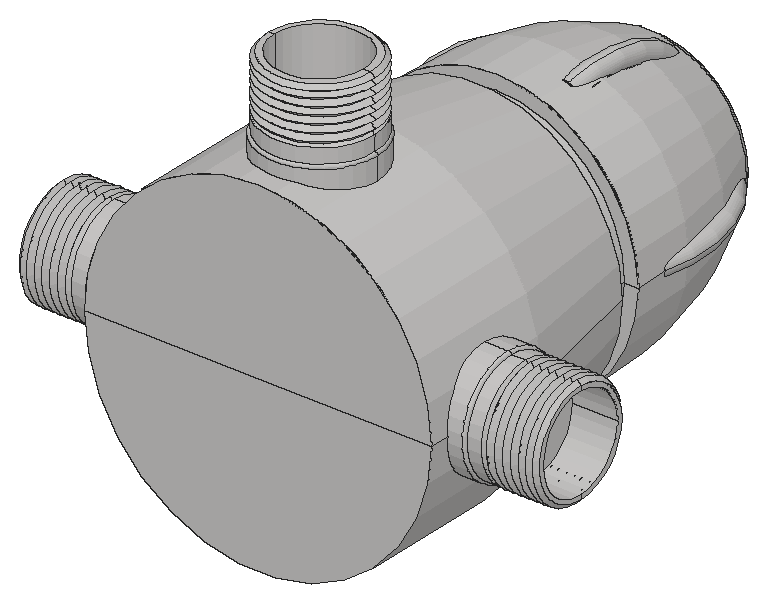
Revit family
Parameters (values of type "Type 1")
  WaterSupplyTemperatureMaximum = "55°C-85° (∆50°C : CW/HW)"
  WarrantyDurationUnit = "10 years"
  WarrantyDescription = "Any manufacturing defect"
  Version = "v1"
  URL = "http://www.delabie.com"
  Type Comments = "Thermostatic mixing valve "
  SerialNumber = "3456330020770"
  Radius = 13 mm
  ProductInformation = "http://www.delabie.com/products/731002"
  Operation = "Group thermostatic mixing valve "
  NominalWidth = 18 mm
  NominalLength = 120 mm
  NominalHeight = 60 mm
  Name = "PREMIX COMFORT "
  ModelNumber = "731002"
  Model = "PREMIX COMFORT "
  Material = DZR Brass
  ManufacturerURL = "http://www.delabie.com"
  ManufacturerName = "DELABIE"
  Manufacturer = "DELABIE"
  Keynote = ""
  IntegralAccessoryOptions = "Mixer, tap, valve"
  Grade = "ACS - BELGAQUA - PZH"
  FlowRate lps = "0.92 lps at 3 bar"
  FlowRate lpm = "55 lpm at 3 bar"
  Finish = Chrome-plated
  Features  = "Group thermostatic mixing valve for mixed water distribution from 32° to 42°C:\r\nAnti-scalding safety.\r\nRegulation of temperature variations.\r\nNon-return valves and filters accessible from the exterior without having to remove the mechanism.\r\nThermal cartridge with no specific lever needed (push-button on the control knob).\r\nInterchangeable cartridge with automotive cell.\r\nHigh-resistance chrome-plated brass body DZR.\r\nMaximum hot water temperature: 85°C.\r\nDifferential hot water / mixed water: 15°C mini.\r\nPressure differences at the entrance: 1 bar maximum (0.5 bar recommended).\r\nMinimum pressure / maximum: 1 to 10 bar (1 to 5 bar recommended).\r\nLeft hand side hot water inlet (red ring) and right hand side cold water inlet (blue ring).\r\nMixed water outlet at the top (purple ring).\r\nFor bottom outlet: unscrew / place lid at the top and outlet connector at the bottom.\r\nMaximum temperature limiter, can be adjusted by the installer.\r\nReduced risk of scalding by limiting temperature at the point-of-use.\r\n55 lpm -at 3 bar M¾\"."
  Description = "French manufacturer Delabie is a leader in the European sanitary ware market for non-domestic places. Water controls, solutions for disabled people, sanitary ware, for schools, leisure centres, offices, hospitals, airports…"
  Category = "Basin, shower"
  Assembly Code = ""
Reference planes
  plane 1: y = 0
  plane 2 "Center (Left/Right)": x = 125
  plane 3 "Back": y = 75
Forms (mm)
  Revolve 1, solid, material "DZR Brass"
    sketch origin (125, 87.739, 558.291) x (1, 0, 0) y (0, 1, 0)
      loop
        arc (0, 108.807) -> (-3.406, 108.441) -> (-6.726, 107.599) r 24.222
        line (-6.726, 107.599) -> (-13.764, 107.599) -> (-13.764, 106.727) -> (-16.37, 106.727)
        arc (-16.37, 106.727) -> (-20.319, 105.358) -> (-23.175, 102.308) r 8.706
        arc (-23.175, 102.308) -> (-31.586, 80.525) -> (-33.575, 57.261) r 82.727
        line (-33.575, 57.261) -> (-30.204, 57.261) -> (-30.204, 51.761) -> (-34.071, 51.761)
        arc (-34.071, 51.761) -> (-40.772, 19.859) -> (-40.85, -12.739) r 159.563
        line (-40.85, -12.739) -> (0, -12.739) -> (0, 108.807)
      axis (0, -12.739) -> (0, 108.807)
    angle from 0 to 360
  Revolve 2, solid, material "DZR Brass"
    sketch origin (126.475, 93.117, 558.291) x (0, 0, -1) y (-1, 0, 0)
      loop
        line (0, -37.5) -> (-13.486, -37.5) -> (-13.486, -42.827)
        arc (-13.486, -42.827) -> (-13.372, -43.318) -> (-12.949, -43.594) r 0.675
        line (-12.949, -43.594) -> (-12.949, -47.09) -> (-12.196, -47.56) -> (-12.996, -48.36) -> (-11.775, -49.314) -> (-12.993, -50.232) -> (-11.719, -51.124) -> (-13.04, -52.119) -> (-11.773, -53.006) -> (-13.017, -53.943) -> (-11.771, -54.815) -> (-13.018, -55.755) -> (-11.702, -56.577) -> (-13.008, -57.562) -> (-11.767, -58.399) -> (-12.93, -59.07) -> (-12, -60) -> (0, -60) -> (0, -37.5)
      axis (0, -60) -> (0, -37.5)
    angle from 0 to 360
  Sweep 3, solid, material "DZR Brass"
    path origin (123.51, 87.739, 558.291) x (1, 0, 0) y (0, 1, 0)
      loop
        arc (19.027, 102.95) -> (31.511, 86.615) -> (32.501, 66.08) r 34.537
    profile origin (155.022, 174.354, 558.291) x (0.939248, 0.343239, 0) y (0, 0, 1)
      loop
        circle (0, 0) r 2.443
  Sweep 4, solid, material "DZR Brass"
    path origin (126.205, 87.739, 559.166) x (-0.809017, 0, -0.587785) y (0, 1, 0)
      loop
        arc (19.027, 102.95) -> (31.511, 86.615) -> (32.501, 66.08) r 34.537
    profile origin (100.712, 174.354, 540.644) x (-0.759868, 0.343239, -0.552076) y (0.587785, 0, -0.809017)
      loop
        circle (0, 0) r 2.443
  Sweep 5, solid, material "DZR Brass"
    path origin (124.54, 87.739, 559.708) x (0.309017, 0, -0.951057) y (0, 1, 0)
      loop
        arc (19.027, 102.95) -> (31.511, 86.615) -> (32.501, 66.08) r 34.537
    profile origin (134.277, 174.354, 529.738) x (0.290244, 0.343239, -0.893278) y (0.951057, 0, 0.309017)
      loop
        circle (0, 0) r 2.443
  Sweep 6, solid, material "DZR Brass"
    path origin (124.54, 87.739, 556.874) x (0.309017, 0, 0.951057) y (0, 1, 0)
      loop
        arc (19.027, 102.95) -> (31.511, 86.615) -> (32.501, 66.08) r 34.537
    profile origin (134.277, 174.354, 586.843) x (0.290244, 0.343239, 0.893278) y (-0.951057, 0, 0.309017)
      loop
        circle (0, 0) r 2.443
  Sweep 7, solid, material "DZR Brass"
    path origin (126.205, 87.739, 557.415) x (-0.809017, 0, 0.587785) y (0, 1, 0)
      loop
        arc (19.027, 102.95) -> (31.511, 86.615) -> (32.501, 66.08) r 34.537
    profile origin (100.712, 174.354, 575.937) x (-0.759868, 0.343239, 0.552076) y (-0.587785, 0, -0.809017)
      loop
        circle (0, 0) r 2.443
  Extrusion 8, solid
    sketch origin (123.804, 117.939, 489.475) x (0, 1, 0) y (-1, 0, 0)
      loop
        circle (-25.127, -1.766) r 10
    from 26.756 to 30.883
  Revolve 9, solid, material "DZR Brass"
    sketch origin (123.945, 93.117, 558.291) x (0, 0, -1) y (-1, 0, 0)
      loop
        line (0, 37.5) -> (0, 60) -> (-12, 60) -> (-12.93, 59.07) -> (-11.767, 58.399) -> (-13.008, 57.562) -> (-11.702, 56.577) -> (-13.018, 55.755) -> (-11.771, 54.815) -> (-13.017, 53.943) -> (-11.773, 53.006) -> (-13.04, 52.119) -> (-11.719, 51.124) -> (-12.993, 50.232) -> (-11.775, 49.314) -> (-12.996, 48.36) -> (-12.196, 47.56) -> (-12.949, 47.09) -> (-12.949, 43.594)
        arc (-12.949, 43.594) -> (-13.372, 43.318) -> (-13.486, 42.827) r 0.675
        line (-13.486, 42.827) -> (-13.486, 37.5) -> (0, 37.5)
      axis (0, 60) -> (0, 37.5)
    angle from 0 to 360
  Extrusion 10, void
    sketch origin (125, 75, 489.475) x (0, 1, 0) y (0, 0, 1)
      loop
        circle (17.939, 68.835) r 11
    from 50.789 to 61.475
  Extrusion 11, void
    sketch origin (14.11, 75, 489.475) x (0, 1, 0) y (0, 0, 1)
      loop
        circle (17.939, 68.835) r 11
    from 49.835 to 61.475
  Revolve 12, solid, material "DZR Brass", not visible
    sketch origin (125, 87.739, 558.291) x (1, 0, 0) y (0, 1, 0)
      loop
        arc (0, 108.807) -> (-3.406, 108.441) -> (-6.726, 107.599) r 24.222
        line (-6.726, 107.599) -> (-13.764, 107.599) -> (-13.764, 106.727) -> (-16.37, 106.727)
        arc (-16.37, 106.727) -> (-20.319, 105.358) -> (-23.175, 102.308) r 8.706
        arc (-23.175, 102.308) -> (-31.586, 80.525) -> (-33.575, 57.261) r 82.727
        line (-33.575, 57.261) -> (-30.204, 57.261) -> (-30.204, 51.761) -> (-34.071, 51.761)
        arc (-34.071, 51.761) -> (-40.772, 19.859) -> (-40.85, -12.739) r 159.563
        line (-40.85, -12.739) -> (0, -12.739) -> (0, 108.807)
      axis (0, -12.739) -> (0, 108.807)
    angle from 0 to 360
  Revolve 13, solid, material "DZR Brass", not visible
    sketch origin (126.475, 93.117, 558.291) x (0, 0, -1) y (-1, 0, 0)
      loop
        line (0, -37.5) -> (-13.486, -37.5) -> (-13.486, -42.827)
        arc (-13.486, -42.827) -> (-13.372, -43.318) -> (-12.949, -43.594) r 0.675
        line (-12.949, -43.594) -> (-12.949, -47.09) -> (-12.196, -47.56) -> (-12.996, -48.36) -> (-11.775, -49.314) -> (-12.993, -50.232) -> (-11.719, -51.124) -> (-13.04, -52.119) -> (-11.773, -53.006) -> (-13.017, -53.943) -> (-11.771, -54.815) -> (-13.018, -55.755) -> (-11.702, -56.577) -> (-13.008, -57.562) -> (-11.767, -58.399) -> (-12.93, -59.07) -> (-12, -60) -> (0, -60) -> (0, -37.5)
      axis (0, -60) -> (0, -37.5)
    angle from 0 to 360
  Sweep 14, solid, material "DZR Brass", not visible
    path origin (123.51, 87.739, 558.291) x (1, 0, 0) y (0, 1, 0)
      loop
        arc (19.027, 102.95) -> (31.511, 86.615) -> (32.501, 66.08) r 34.537
    profile origin (155.022, 174.354, 558.291) x (0.939248, 0.343239, 0) y (0, 0, 1)
      loop
        circle (0, 0) r 2.443
  Sweep 15, solid, material "DZR Brass", not visible
    path origin (126.205, 87.739, 559.166) x (-0.809017, 0, -0.587785) y (0, 1, 0)
      loop
        arc (19.027, 102.95) -> (31.511, 86.615) -> (32.501, 66.08) r 34.537
    profile origin (100.712, 174.354, 540.644) x (-0.759868, 0.343239, -0.552076) y (0.587785, 0, -0.809017)
      loop
        circle (0, 0) r 2.443
  Sweep 16, solid, material "DZR Brass", not visible
    path origin (124.54, 87.739, 559.708) x (0.309017, 0, -0.951057) y (0, 1, 0)
      loop
        arc (19.027, 102.95) -> (31.511, 86.615) -> (32.501, 66.08) r 34.537
    profile origin (134.277, 174.354, 529.738) x (0.290244, 0.343239, -0.893278) y (0.951057, 0, 0.309017)
      loop
        circle (0, 0) r 2.443
  Sweep 17, solid, material "DZR Brass", not visible
    path origin (124.54, 87.739, 556.874) x (0.309017, 0, 0.951057) y (0, 1, 0)
      loop
        arc (19.027, 102.95) -> (31.511, 86.615) -> (32.501, 66.08) r 34.537
    profile origin (134.277, 174.354, 586.843) x (0.290244, 0.343239, 0.893278) y (-0.951057, 0, 0.309017)
      loop
        circle (0, 0) r 2.443
  Sweep 18, solid, material "DZR Brass", not visible
    path origin (126.205, 87.739, 557.415) x (-0.809017, 0, 0.587785) y (0, 1, 0)
      loop
        arc (19.027, 102.95) -> (31.511, 86.615) -> (32.501, 66.08) r 34.537
    profile origin (100.712, 174.354, 575.937) x (-0.759868, 0.343239, 0.552076) y (-0.587785, 0, -0.809017)
      loop
        circle (0, 0) r 2.443
  Extrusion 19, solid, not visible
    sketch origin (123.804, 117.939, 489.475) x (0, 1, 0) y (-1, 0, 0)
      loop
        circle (-25.127, -1.766) r 10
    from 26.756 to 30.883
  Revolve 20, solid, material "DZR Brass", not visible
    sketch origin (123.945, 93.117, 558.291) x (0, 0, -1) y (-1, 0, 0)
      loop
        line (0, 37.5) -> (0, 60) -> (-12, 60) -> (-12.93, 59.07) -> (-11.767, 58.399) -> (-13.008, 57.562) -> (-11.702, 56.577) -> (-13.018, 55.755) -> (-11.771, 54.815) -> (-13.017, 53.943) -> (-11.773, 53.006) -> (-13.04, 52.119) -> (-11.719, 51.124) -> (-12.993, 50.232) -> (-11.775, 49.314) -> (-12.996, 48.36) -> (-12.196, 47.56) -> (-12.949, 47.09) -> (-12.949, 43.594)
        arc (-12.949, 43.594) -> (-13.372, 43.318) -> (-13.486, 42.827) r 0.675
        line (-13.486, 42.827) -> (-13.486, 37.5) -> (0, 37.5)
      axis (0, 60) -> (0, 37.5)
    angle from 0 to 360
  Extrusion 21, void, not visible
    sketch origin (125, 75, 489.475) x (0, 1, 0) y (0, 0, 1)
      loop
        circle (17.939, 68.835) r 11
    from 50.789 to 61.475
  Extrusion 22, void, not visible
    sketch origin (14.11, 75, 489.475) x (0, 1, 0) y (0, 0, 1)
      loop
        circle (17.939, 68.835) r 11
    from 49.835 to 61.475
  Revolve 23, solid, material "DZR Brass"
    sketch origin (125, 93.304, 559.142) x (1, 0, 0) y (0, 0, -1)
      loop
        line (0, -37.5) -> (-13.486, -37.5) -> (-13.486, -42.827)
        arc (-13.486, -42.827) -> (-13.372, -43.318) -> (-12.949, -43.594) r 0.675
        line (-12.949, -43.594) -> (-12.949, -47.09) -> (-12.196, -47.56) -> (-12.996, -48.36) -> (-11.775, -49.314) -> (-12.993, -50.232) -> (-11.719, -51.124) -> (-13.04, -52.119) -> (-11.773, -53.006) -> (-13.017, -53.943) -> (-11.771, -54.815) -> (-13.018, -55.755) -> (-11.702, -56.577) -> (-13.008, -57.562) -> (-11.767, -58.399) -> (-12.93, -59.07) -> (-12, -60) -> (0, -60) -> (0, -37.5)
      axis (0, -60) -> (0, -37.5)
    angle from 0 to 360
  Revolve 24, solid, material "DZR Brass", not visible
    sketch origin (125, 93.304, 559.142) x (1, 0, 0) y (0, 0, -1)
      loop
        line (0, -37.5) -> (-13.486, -37.5) -> (-13.486, -42.827)
        arc (-13.486, -42.827) -> (-13.372, -43.318) -> (-12.949, -43.594) r 0.675
        line (-12.949, -43.594) -> (-12.949, -47.09) -> (-12.196, -47.56) -> (-12.996, -48.36) -> (-11.775, -49.314) -> (-12.993, -50.232) -> (-11.719, -51.124) -> (-13.04, -52.119) -> (-11.773, -53.006) -> (-13.017, -53.943) -> (-11.771, -54.815) -> (-13.018, -55.755) -> (-11.702, -56.577) -> (-13.008, -57.562) -> (-11.767, -58.399) -> (-12.93, -59.07) -> (-12, -60) -> (0, -60) -> (0, -37.5)
      axis (0, -60) -> (0, -37.5)
    angle from 0 to 360
  Extrusion 25, void
    sketch origin (0, 0, 0) x (1, 0, 0) y (0, 1, 0)
      loop
        circle (124.758, 93.423) r 10.5
    from 601.021 to 627.764
  Extrusion 26, void, not visible
    sketch origin (0, 0, 0) x (1, 0, 0) y (0, 1, 0)
      loop
        circle (124.758, 93.423) r 10.5
    from 601.021 to 627.764
Cuts and joins
  Extrusion 10 cuts Revolve 2
  Extrusion 11 cuts Revolve 9
  Extrusion 25 cuts Revolve 23
Text (mm)
  text "Placement side" at (-1787.139, 592.35, 0), in view "Ref. Level"
  text "Placement side" at (0, 1827.695, 2917.686), in view "Left"
  text "Placement side" at (0, 562.268, 3853.606), in view "Right"
Dimensions and locks
  locked: plane 3 "Back" to host wall at 0
  locked: plane 3 "Back" to Revolve 1 at 0
  aligned and locked: host wall to plane 1
  aligned and locked: Extrusion 11 to Revolve 9
  aligned and locked: Revolve 9 to Extrusion 11
Connectors
  piping at (75.584, 92.939, 558.31), driven by "Radius"
    settings: on cut or joined group of Revolve 9, Extrusion 11, index 1, connector radius 13 mm, flow factor 0, pipe flow 0.0 L/s, pressure drop 0.0 Pa, fitting loss kfactor 0, connector angle 0.00°, fixture units 0, flow configuration 1, flow direction 1, fitting loss method 0, system type 20, connector reference index -1, connector utility 0, adjustable connector no, is connector primary yes, fitting loss table "", connector description "In cold water"
  piping at (175.789, 92.939, 558.31), driven by "Radius"
    settings: on cut or joined group of Revolve 2, Extrusion 10, index 2, connector radius 13 mm, flow factor 0, pipe flow 0.0 L/s, pressure drop 0.0 Pa, fitting loss kfactor 0, connector angle 0.00°, fixture units 0, flow configuration 1, flow direction 1, fitting loss method 0, system type 19, connector reference index -1, connector utility 0, adjustable connector no, is connector primary no, fitting loss table "", connector description "In hot water"
  piping at (124.758, 93.423, 601.021), driven by "Radius"
    settings: on cut or joined group of Revolve 23, Extrusion 25, index 3, connector radius 13 mm, flow factor 0, pipe flow 0.92 L/s, pressure drop 0.0 Pa, fitting loss kfactor 0, connector angle 0.00°, fixture units 0, flow configuration 1, flow direction 2, fitting loss method 0, system type 19, connector reference index -1, connector utility 0, adjustable connector no, is connector primary no, fitting loss table "", connector description "Out Mixed water"
